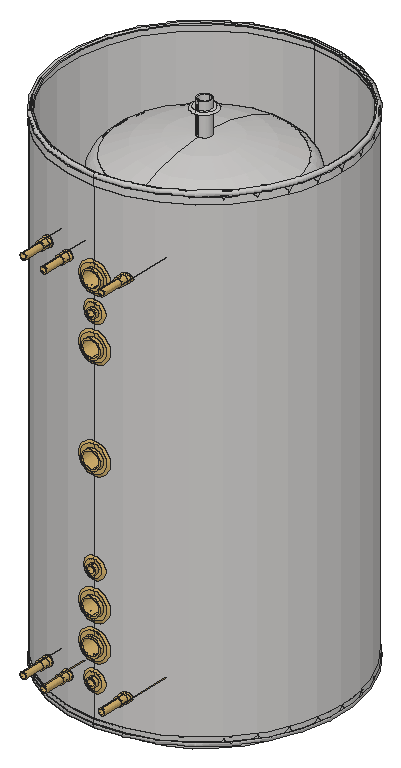
Revit family "HVAC_Boilers_Enertech_CTC-Accumulator-Tank_1-750-75", category Specialty Equipment, Revit 2018
Family settings
  Round Connector Dimension = Use Diameter
  Part Type = Normal
  OmniClass Number = 23.75.00.00
  OmniClass Title = Climate Control (HVAC)
  Work Plane-Based = No
  Always vertical = No
  Cut with Voids When Loaded = No
  Shared = No
  Room Calculation Point = No
Parameters (values of type "CTC Ackumulatortank 1 750/75")
  Weight = "221 kg"
  WaterVolumeWaterSuply = "16,5 l"
  WaterVolumeHeathingSystem = "669,5 l"
  WarrantyStartDate [instance] = "n/a"
  WarrantyGuarantorParts = "n/a"
  WarrantyGuarantorLabor = "n/a"
  WarrantyDurationUnit = "Year"
  WarrantyDurationParts = "n/a"
  WarrantyDurationLabor = "n/a"
  WarrantyDescription = "n/a"
  VersionDate = "24/08/2021"  # constant formula
  Version = "1"  # constant formula
  UsageCurrent = 0 A
  Uniclass2015Reference = "Pr_40_70_65"
  Uniclass2015Description = "Preparation catering equipment"
  Uniclass2 = "Pr_40_70_65"
  URL = "https://ctc-heating.com/products/accumulator-tanks"
  UNSPSCCode = "24111810"
  Type Comments = ""
  Touchscreen = "no"
  TagNumber [instance] = "n/a"
  SustainabilityPerformance = "n/a"
  Status = "n/a"
  Standby heat loss, Storage tank = "127 W"
  SpecifiedOutput = "N/A"
  SoundPowerLWA = "N/A"
  Sound pressureLPA 5m = "N/A"
  Sound pressureLPA 1m = "N/A"
  Sound pressureLPA 10m = "N/A"
  Size = "Ø950x1820 mm"
  Shape = "Round"
  SerialNumber [instance] = "7241 xxxx xxxx"
  SEERWarm = "N/A"
  SEERModerate = "N/A"
  SEERCold = "N/A"
  SCOPWarm = "N/A"
  SCOPModerate = "N/A"
  SCOPCold = "N/A"
  Revision = "n/a"  # constant formula
  ReplacementCost = "n/a"
  RefrigerantType = "N/A"
  RefrigerantQuantity = "N/A"
  ReferenceAirFlowRate = "N/A"
  Reference = "n/a"
  RatedVoltage = 0 V
  RatedHeatOutputModerate = "N/A"
  RatedCurrent = 0 A
  PumpMainMaterial = Stainless Steel
  ProductInformation = "CTC Hot water storage tanks is a series of  coil/storage tanks suitable for DHW-preparation and hot water storage, availiable in two models and five sizes. CTC Hot Water Storage Tank 1:  coil tanks for efficient DHW heating. CTC Hot Water Storage Tank 2: volume tanks for hot water storage."
  Product data url = ""
  PowerFactor = 0 W
  PhaseReference = "n/a"
  PhaseAngle = 0.00°
  OutputRangeIimmersionHeater = "N/A"
  OutputRange = "N/A"
  NumberOfPoles = 1
  NominalWidth = 950 mm
  NominalVoltage = 0 V
  NominalHeight = 1820 mm
  NominalFrequencyRange = 0 Hz
  NominalDepth = 950 mm
  NominalCurrent = 0 A
  Name = "CTC-Accumulator-Tank_1-750-75"  # constant formula
  NBSReference = "90-40-40/320"
  NBSDescription = "Air to water heat pumps"
  ModelReference = "n/a"
  ModelNumber = "589902001"
  MinimumCeilingHeight = "2040 mm"
  MaxStartingCurrent = "N/A"
  MaxOperatingTemperature = "100 °C"
  MaxOperatingPressureThermalStore = "6 bar"
  MaxOperatingPressureHotWater = "10 bar"
  MaxAirFlowRate = "N/A"
  Material = "Steel/copper"
  ManufacturerURL = "https://ctc.se/"
  ManufacturerName = "Enertech AB"
  Model = "CTC Ackumulatortank 1 750/75"
  ManufacturerCountry = "Sweden"
  Manufacturer = "Enertech AB"
  InsulationStandardClass = "n/a"
  InstallationDate [instance] = "n/a"
  InPutPower = "N/A"
  IfcExportType = "HEATER"  # constant formula
  IfcExportAs = "IfcElectricalDeviceCommon"  # constant formula
  IP_Code = "N/A"
  HotTapWaterPerformance = "520 l (at 20 l/min)"
  HasProtectiveEarth = yes
  GroupFuse = "N/A"
  Grade = "n/a"
  Finish = "n/a"
  Features = "n/a"
  ExpectedLife = "n/a"
  EnergyClass_HotWater = "N/A"
  EnergyClassHeatingWithoutControl = "N/A"
  EnergyClassHeatingWithControl = "N/A"
  ElectricalDeviceNominalPower = 0 W
  EANNumber = "7333077097615"
  DurationUnit = "Year"
  Description = "CTC Hot water storage tanks is a series of  coil/storage tanks suitable for DHW-preparation and hot water storage, availiable in two models and five sizes. CTC Hot Water Storage Tank 1:  coil tanks for efficient DHW heating. CTC Hot Water Storage Tank 2: volume tanks for hot water storage."
  Cost = 0
  Constituents = "n/a"
  ConductorFunction = "n/a"
  Color = "Grey"
  CodePerformance = "n/a"
  Capacity = "N/A"
  COP = "N/A"
  CO2Equivalent = "N/A"
  BrineSystem_Min_MaxPressure = "N/A"
  Barcode [instance] = "n/a"
  AssetIdentifier [instance] = "n/a"
  Category = "Storage tank, hot water"
  Brand = "CTC"
  BIMObjectName = "HVAC_Boilers_Enertech_CTC-Accumulator-Tank_1-750-75"  # constant formula
  Author = "BIMStone"  # constant formula
  AssetType = "Fixed"
  Artikel nr. = ""
  AirFlow = "N/A"
  Accessories = ""
  AccessibilityPerformance = "n/a"
Reference planes
  plane 1 "Center (Front/Back)": y = 0
  plane 2: z = 0
  plane 3 "Center (Left/Right)": x = 0
  plane 4: z = 1820
  plane 5: y = 475
  plane 6: y = -475
  plane 7: x = -475
  plane 8: x = 475
Dimensions and locks
  "NominalHeight": plane 4 to level
  equal spacing: plane 5, plane 1 "Center (Front/Back)", plane 6
  "NominalDepth": plane 5 to plane 6
  equal spacing: plane 7, plane 3 "Center (Left/Right)", plane 8
  "NominalWidth": plane 7 to plane 8
  aligned and locked: level to plane 2
Nested families
  nested 1: "Accumulator-Tank_1-750-75" at (0, 0, 0), Body <- "PumpMainMaterial", type "Accumulator-Tank_1-750-75"
    with Pipes Brass, Body Stainless Steel
Definition of nested family "Accumulator-Tank_1-750-75"
  Parameters (values of type "Accumulator-Tank_1-750-75")
    Pipes [instance] = none
    Body [instance] = none
  Reference planes
    plane 1 "Center (Front/Back)": y = 0
    plane 2: z = 0
    plane 3 "Center (Left/Right)": x = 0
    plane 4: y = 478.349
    plane 5: y = -478.349
    plane 6: x = -478.349
    plane 7: x = 478.349
  Forms (mm)
    Revolve 1, solid, material <- "Body", detail levels medium+fine
      sketch origin (0, 0, 0) x (0, 1, 0) y (0, 0, 1)
        loop
          line (478.349, 1750.261) -> (476.502, 1773.869)
          arc (476.502, 1773.869) -> (476.592, 1774.638) -> (476.968, 1775.314) r 1.996
          arc (476.968, 1775.314) -> (477.358, 1784.96) -> (468.103, 1787.707) r 7.859
          arc (468.103, 1787.707) -> (465.997, 1786.218) -> (464.827, 1783.918) r 5.371
          line (464.827, 1783.918) -> (470.045, 1783.918) -> (470.045, 1782.918) -> (464.045, 1782.918) -> (463.956, 1781.918) -> (471.456, 1781.918) -> (471.456, 1757.918) -> (472.75, 1757.918) -> (474, 1773.896) -> (475, 1773.896) -> (476.849, 1750.261) -> (478.349, 1750.261)
        loop
          line (471.456, 75.873) -> (463.956, 75.873) -> (464.045, 74.873) -> (470.045, 74.873) -> (470.045, 73.873) -> (464.827, 73.873)
          arc (464.827, 73.873) -> (465.997, 71.574) -> (468.103, 70.084) r 5.371
          arc (468.103, 70.084) -> (477.358, 72.832) -> (476.968, 82.478) r 7.859
          arc (476.968, 82.478) -> (476.592, 83.154) -> (476.502, 83.922) r 1.996
          line (476.502, 83.922) -> (477.75, 99.873) -> (476.25, 99.873) -> (475, 83.896) -> (474, 83.896) -> (472.75, 99.873) -> (471.456, 99.873) -> (471.456, 75.873)
        axis (0, 1787.707) -> (0, 70.084)
      angle from 0 to 360
    Revolve 2, solid, material <- "Body", detail levels medium+fine
      sketch origin (0, 0, 0) x (0, 1, 0) y (0, 0, 1)
        loop
          line (474.3, 83.896) -> (475.1, 83.896) -> (475.1, 1773.896) -> (474.3, 1773.896) -> (474.3, 83.896)
        axis (0, 83.896) -> (0, 1773.896)
      angle from 0 to 360
    Revolve 3, solid, material <- "Body", detail levels medium+fine
      sketch origin (0, 0, 0) x (0, 1, 0) y (0, 0, 1)
        loop
          line (-325, 1576.143) -> (-325, 154.143)
          arc (-325, 154.143) -> (-314.893, 118.46) -> (-287.575, 93.379) r 68.041
          arc (-287.575, 93.379) -> (-147.788, 42.844) -> (0, 26.937) r 621.684
          line (0, 26.937) -> (0, 29.937)
          arc (0, 29.937) -> (-147.094, 45.763) -> (-286.225, 96.058) r 618.684
          arc (-286.225, 96.058) -> (-312.339, 120.034) -> (-322, 154.143) r 65.041
          line (-322, 154.143) -> (-322, 1576.143)
          arc (-322, 1576.143) -> (-312.339, 1610.252) -> (-286.225, 1634.228) r 65.041
          arc (-286.225, 1634.228) -> (-156.576, 1682.253) -> (-19.5, 1700.288) r 618.684
          line (-19.5, 1700.288) -> (-19.5, 1813.618) -> (-23.5, 1813.618) -> (-23.5, 1787.618) -> (-35, 1787.618) -> (-43, 1783.618) -> (-23.5, 1783.618) -> (-23.5, 1703.201)
          arc (-23.5, 1703.201) -> (-159.211, 1684.688) -> (-287.575, 1636.907) r 621.684
          arc (-287.575, 1636.907) -> (-314.893, 1611.825) -> (-325, 1576.143) r 68.041
        axis (0, 26.937) -> (0, 1813.618)
      angle from 0 to 360
    Revolve 4, solid, material <- "Body", detail levels medium+fine
      sketch origin (0, 0, 0) x (0, 1, 0) y (0, 0, 1)
        loop
          line (362, 105) -> (359, 105) -> (359, 0) -> (362, 0) -> (362, 105)
        axis (0, 0) -> (0, 105)
      angle from 0 to 360
    Revolve 5, solid, material <- "Pipes", detail levels medium+fine
      sketch origin (-190.526, -30, 0) x (0, 1, 0) y (0, 0, 1)
        loop
          line (-515, 1506.143) -> (-515, 1504.643) -> (-203.645, 1504.643) -> (-203.645, 1506.143) -> (-515, 1506.143)
        axis (-203.645, 1495.143) -> (-515, 1495.143)
      angle from 0 to 360
    Revolve 6, solid, material <- "Pipes", detail levels medium+fine
      sketch origin (-190.526, -30, 0) x (0, 1, 0) y (0, 0, 1)
        loop
          line (-445, 1495.143) -> (-388.256, 1495.143) -> (-388.256, 1511.892) -> (-413.256, 1511.892) -> (-423, 1509.643) -> (-445, 1509.643) -> (-445, 1495.143)
        axis (-388.256, 1495.143) -> (-445, 1495.143)
      angle from 0 to 360
    Revolve 7, solid, material <- "Pipes", detail levels medium+fine
      sketch origin (-100.15, -55, 0) x (0, 1, 0) y (0, 0, 1)
        loop
          line (-445, 1495.143) -> (-388.256, 1495.143) -> (-388.256, 1511.892) -> (-413.256, 1511.892) -> (-423, 1509.643) -> (-445, 1509.643) -> (-445, 1495.143)
        axis (-388.256, 1495.143) -> (-445, 1495.143)
      angle from 0 to 360
    Revolve 8, solid, material <- "Pipes", detail levels medium+fine
      sketch origin (-190.526, -30, -1300) x (0, 1, 0) y (0, 0, 1)
        loop
          line (-515, 1506.143) -> (-515, 1504.643) -> (-203.645, 1504.643) -> (-203.645, 1506.143) -> (-515, 1506.143)
        axis (-203.645, 1495.143) -> (-515, 1495.143)
      angle from 0 to 360
    Revolve 9, solid, material <- "Pipes", detail levels medium+fine
      sketch origin (-190.526, -30, -1300) x (0, 1, 0) y (0, 0, 1)
        loop
          line (-445, 1495.143) -> (-388.256, 1495.143) -> (-388.256, 1511.892) -> (-413.256, 1511.892) -> (-423, 1509.643) -> (-445, 1509.643) -> (-445, 1495.143)
        axis (-388.256, 1495.143) -> (-445, 1495.143)
      angle from 0 to 360
    Revolve 10, solid, material <- "Pipes", detail levels medium+fine
      sketch origin (-100.15, -55, -1300) x (0, 1, 0) y (0, 0, 1)
        loop
          line (-445, 1495.143) -> (-388.256, 1495.143) -> (-388.256, 1511.892) -> (-413.256, 1511.892) -> (-423, 1509.643) -> (-445, 1509.643) -> (-445, 1495.143)
        axis (-388.256, 1495.143) -> (-445, 1495.143)
      angle from 0 to 360
    Extrusion 11, void
      sketch origin (0, 0, 0) x (1, 0, 0) y (0, 0, 1)
        loop
          circle (0, 1465.146) r 29
        loop
          circle (0, 1360.146) r 13
        loop
          circle (0, 1250.143) r 29
        loop
          circle (0, 905.146) r 29
        loop
          circle (0, 450.146) r 29
        loop
          circle (0, 325.146) r 29
        loop
          circle (0, 565.146) r 13
        loop
          circle (0, 215.146) r 13
      from 299.391 to 515
    Revolve 12, solid, material <- "Pipes", detail levels medium+fine
      sketch origin (0, -55, 0) x (0, 1, 0) y (0, 0, 1)
        loop
          line (-265, 357.643) -> (-420, 357.643) -> (-420, 379.146) -> (-424, 371.146) -> (-424, 357.643) -> (-435, 357.643) -> (-435, 353.143) -> (-265, 353.143) -> (-265, 357.643)
        axis (-265, 325.143) -> (-435, 325.143)
      angle from 0 to 360
    Revolve 13, solid, material <- "Pipes", detail levels medium+fine
      sketch origin (0, -55, 125) x (0, 1, 0) y (0, 0, 1)
        loop
          line (-265, 357.643) -> (-420, 357.643) -> (-420, 379.146) -> (-424, 371.146) -> (-424, 357.643) -> (-435, 357.643) -> (-435, 353.143) -> (-265, 353.143) -> (-265, 357.643)
        axis (-265, 325.143) -> (-435, 325.143)
      angle from 0 to 360
    Revolve 14, solid, material <- "Pipes", detail levels medium+fine
      sketch origin (0, -55, 580) x (0, 1, 0) y (0, 0, 1)
        loop
          line (-265, 357.643) -> (-420, 357.643) -> (-420, 379.146) -> (-424, 371.146) -> (-424, 357.643) -> (-435, 357.643) -> (-435, 353.143) -> (-265, 353.143) -> (-265, 357.643)
        axis (-265, 325.143) -> (-435, 325.143)
      angle from 0 to 360
    Revolve 15, solid, material <- "Pipes", detail levels medium+fine
      sketch origin (0, -55, 925) x (0, 1, 0) y (0, 0, 1)
        loop
          line (-265, 357.643) -> (-420, 357.643) -> (-420, 379.146) -> (-424, 371.146) -> (-424, 357.643) -> (-435, 357.643) -> (-435, 353.143) -> (-265, 353.143) -> (-265, 357.643)
        axis (-265, 325.143) -> (-435, 325.143)
      angle from 0 to 360
    Revolve 16, solid, material <- "Pipes", detail levels medium+fine
      sketch origin (0, -55, 1035) x (0, 1, 0) y (0, 0, 1)
        loop
          line (-265, 341.142) -> (-420, 341.142) -> (-420, 362.645) -> (-424, 354.645) -> (-424, 341.142) -> (-435, 341.142) -> (-435, 336.642) -> (-265, 336.642) -> (-265, 341.142)
        axis (-265, 325.143) -> (-435, 325.143)
      angle from 0 to 360
    Revolve 17, solid, material <- "Pipes", detail levels medium+fine
      sketch origin (0, -55, 240) x (0, 1, 0) y (0, 0, 1)
        loop
          line (-265, 341.142) -> (-420, 341.142) -> (-420, 362.645) -> (-424, 354.645) -> (-424, 341.142) -> (-435, 341.142) -> (-435, 336.642) -> (-265, 336.642) -> (-265, 341.142)
        axis (-265, 325.143) -> (-435, 325.143)
      angle from 0 to 360
    Revolve 18, solid, material <- "Pipes", detail levels medium+fine
      sketch origin (0, -55, -110) x (0, 1, 0) y (0, 0, 1)
        loop
          line (-265, 341.142) -> (-420, 341.142) -> (-420, 362.645) -> (-424, 354.645) -> (-424, 341.142) -> (-435, 341.142) -> (-435, 336.642) -> (-265, 336.642) -> (-265, 341.142)
        axis (-265, 325.143) -> (-435, 325.143)
      angle from 0 to 360
    Revolve 19, solid, material <- "Pipes", detail levels medium+fine
      sketch origin (0, -55, 1140) x (0, 1, 0) y (0, 0, 1)
        loop
          line (-265, 357.643) -> (-420, 357.643) -> (-420, 379.146) -> (-424, 371.146) -> (-424, 357.643) -> (-435, 357.643) -> (-435, 353.143) -> (-265, 353.143) -> (-265, 357.643)
        axis (-265, 325.143) -> (-435, 325.143)
      angle from 0 to 360
    Revolve 20, solid, material <- "Pipes", detail levels medium+fine
      sketch origin (-100.15, -55, 0) x (0, 1, 0) y (0, 0, 1)
        loop
          line (-515, 1506.143) -> (-515, 1504.643) -> (-203.645, 1504.643) -> (-203.645, 1506.143) -> (-515, 1506.143)
        axis (-203.645, 1495.143) -> (-515, 1495.143)
      angle from 0 to 360
    Revolve 21, solid, material <- "Pipes", detail levels medium+fine
      sketch origin (-100.15, -55, -1300) x (0, 1, 0) y (0, 0, 1)
        loop
          line (-515, 1506.143) -> (-515, 1504.643) -> (-203.645, 1504.643) -> (-203.645, 1506.143) -> (-515, 1506.143)
        axis (-203.645, 1495.143) -> (-515, 1495.143)
      angle from 0 to 360
    Extrusion 22, solid, material <- "Body", detail levels coarse
      sketch origin (0, 0, 0) x (1, 0, 0) y (0, 1, 0)
        loop
          line (-478.349, 478.349) -> (-478.349, -478.349) -> (478.349, -478.349) -> (478.349, 478.349) -> (-478.349, 478.349)
      from 0 to 1788.2
    Revolve 23, solid, material <- "Pipes", detail levels medium+fine
      sketch origin (100.15, -55, 0) x (0, 1, 0) y (0, 0, -1)
        loop
          line (-445, -1495.143) -> (-445, -1509.643) -> (-423, -1509.643) -> (-413.256, -1511.892) -> (-388.256, -1511.892) -> (-388.256, -1495.143) -> (-445, -1495.143)
        axis (-388.256, -1495.143) -> (-445, -1495.143)
      angle from 0 to 360
    Revolve 24, solid, material <- "Pipes", detail levels medium+fine
      sketch origin (100.15, -55, -1300) x (0, 1, 0) y (0, 0, -1)
        loop
          line (-445, -1495.143) -> (-445, -1509.643) -> (-423, -1509.643) -> (-413.256, -1511.892) -> (-388.256, -1511.892) -> (-388.256, -1495.143) -> (-445, -1495.143)
        axis (-388.256, -1495.143) -> (-445, -1495.143)
      angle from 0 to 360
    Revolve 25, solid, material <- "Pipes", detail levels medium+fine
      sketch origin (100.15, -55, 0) x (0, 1, 0) y (0, 0, -1)
        loop
          line (-515, -1506.143) -> (-203.645, -1506.143) -> (-203.645, -1504.643) -> (-515, -1504.643) -> (-515, -1506.143)
        axis (-203.645, -1495.143) -> (-515, -1495.143)
      angle from 0 to 360
    Revolve 26, solid, material <- "Pipes", detail levels medium+fine
      sketch origin (100.15, -55, -1300) x (0, 1, 0) y (0, 0, -1)
        loop
          line (-515, -1506.143) -> (-203.645, -1506.143) -> (-203.645, -1504.643) -> (-515, -1504.643) -> (-515, -1506.143)
        axis (-203.645, -1495.143) -> (-515, -1495.143)
      angle from 0 to 360
  Cuts and joins
    Extrusion 11 cuts Revolve 2
    Extrusion 11 cuts Revolve 3
  Lines and regions (mm)
    symbolic lines, detail levels medium+fine
      curve 1: arc (0, 470.966, 69.545) -> (0, 478.095, 74.095) -> (0, 476.968, 82.478) r 7.859
      curve 2: line (0, 476.502, 83.922) -> (0, 477.75, 99.873)
      curve 3: line (0, 477.75, 99.873) -> (0, 475.1, 99.873)
      curve 4: line (0, 475.1, 99.873) -> (0, 475.1, 1750.261)
      curve 5: arc (0, 476.968, 1775.314) -> (0, 478.095, 1783.696) -> (0, 470.966, 1788.247) r 7.859
      curve 6: line (0, 475.1, 1750.261) -> (0, 478.349, 1750.261)
      curve 7: line (0, 478.349, 1750.261) -> (0, 476.502, 1773.869)
      curve 8: arc (0, 476.502, 1773.869) -> (0, 476.592, 1774.638) -> (0, 476.968, 1775.314) r 1.996
      curve 11: line (0, 23.5, 1813.618) -> (0, 23.5, 1788.247)
      curve 12: line (0, 23.5, 1813.618) -> (0, -23.5, 1813.618)
      curve 13: line (0, 470.966, 69.545) -> (0, 362, 69.545)
      curve 14: line (0, 362, 0) -> (0, 362, 69.545)
      curve 15: line (0, 362, 0) -> (0, -362, 0)
      curve 19: arc (0, 476.968, 82.478) -> (0, 476.592, 83.154) -> (0, 476.502, 83.922) r 1.996
      curve 21: arc (0, -470.966, 69.545) -> (0, -478.095, 74.095) -> (0, -476.968, 82.478) r 7.859
      curve 22: line (0, -476.502, 83.922) -> (0, -477.75, 99.873)
      curve 23: line (0, -477.75, 99.873) -> (0, -475.1, 99.873)
      curve 24: line (0, -475.1, 99.873) -> (0, -475.1, 179.973)
      curve 25: arc (0, -476.968, 1775.314) -> (0, -478.095, 1783.696) -> (0, -470.966, 1788.247) r 7.859
      curve 26: line (0, -475.1, 1750.261) -> (0, -478.349, 1750.261)
      curve 27: line (0, -478.349, 1750.261) -> (0, -476.502, 1773.869)
      curve 28: arc (0, -476.502, 1773.869) -> (0, -476.592, 1774.638) -> (0, -476.968, 1775.314) r 1.996
      curve 29: line (0, -23.5, 1788.247) -> (0, -470.966, 1788.247)
      curve 31: line (0, -23.5, 1813.618) -> (0, -23.5, 1788.247)
      curve 32: line (0, -470.966, 69.545) -> (0, -362, 69.545)
      curve 33: line (0, -362, 0) -> (0, -362, 69.545)
      curve 37: arc (0, -476.968, 82.478) -> (0, -476.592, 83.154) -> (0, -476.502, 83.922) r 1.996
      curve 39: line (0, 23.5, 1788.247) -> (0, 470.966, 1788.247)
      curve 40: line (0, -570, 1506.143) -> (0, -500, 1506.143)
      curve 41: line (0, -500, 1506.143) -> (0, -500, 1509.643)
      curve 42: line (0, -500, 1509.643) -> (0, -478, 1509.643)
      curve 43: line (0, -478, 1509.643) -> (0, -475.1, 1510.312)
      curve 48: line (0, -478, 1480.643) -> (0, -500, 1480.643)
      curve 49: line (0, -500, 1480.643) -> (0, -500, 1484.143)
      curve 50: line (0, -570, 1484.143) -> (0, -500, 1484.143)
      curve 53: line (0, -475.1, 1510.312) -> (0, -475.1, 1750.261)
      curve 58: line (0, -570, 1506.143) -> (0, -570, 1484.143)
      curve 60: line (0, -475.1, 1479.973) -> (0, -478, 1480.643)
      curve 63: line (0, -479, 1389.645) -> (0, -479, 1376.142)
      curve 64: line (0, -490, 1376.142) -> (0, -490, 1344.143)
      curve 65: line (0, -490, 1376.142) -> (0, -479, 1376.142)
      curve 66: line (0, -479, 1389.645) -> (0, -475.1, 1397.445)
      curve 67: line (0, -479, 1330.64) -> (0, -475.1, 1322.84)
      curve 68: line (0, -490, 1344.143) -> (0, -479, 1344.143)
      curve 70: line (0, -475.1, 1397.445) -> (0, -475.1, 1479.973)
      curve 71: line (0, -479, 1296.146) -> (0, -479, 1282.643)
      curve 72: line (0, -490, 1282.643) -> (0, -490, 1217.643)
      curve 73: line (0, -479, 1296.146) -> (0, -475.1, 1303.946)
      curve 74: line (0, -479, 1204.14) -> (0, -475.1, 1196.34)
      curve 75: line (0, -490, 1217.643) -> (0, -479, 1217.643)
      curve 76: line (0, -490, 1282.643) -> (0, -479, 1282.643)
      curve 78: line (0, -479, 1217.643) -> (0, -479, 1204.14)
      curve 80: line (0, -475.1, 1303.946) -> (0, -475.1, 1322.84)
      curve 82: line (0, -479, 1344.143) -> (0, -479, 1330.64)
      curve 83: line (0, -479, 951.146) -> (0, -479, 937.643)
      curve 84: line (0, -490, 937.643) -> (0, -490, 872.643)
      curve 85: line (0, -479, 951.146) -> (0, -475.1, 958.946)
      curve 86: line (0, -479, 859.14) -> (0, -475.1, 851.34)
      curve 87: line (0, -490, 872.643) -> (0, -479, 872.643)
      curve 88: line (0, -490, 937.643) -> (0, -479, 937.643)
      curve 90: line (0, -479, 872.643) -> (0, -479, 859.14)
      curve 92: line (0, -479, 496.146) -> (0, -479, 482.643)
      curve 93: line (0, -490, 482.643) -> (0, -490, 417.643)
      curve 94: line (0, -479, 496.146) -> (0, -475.1, 503.946)
      curve 95: line (0, -479, 404.14) -> (0, -475.1, 396.34)
      curve 96: line (0, -490, 417.643) -> (0, -479, 417.643)
      curve 97: line (0, -490, 482.643) -> (0, -479, 482.643)
      curve 99: line (0, -479, 417.643) -> (0, -479, 404.14)
      curve 101: line (0, -479, 371.146) -> (0, -479, 357.643)
      curve 102: line (0, -490, 357.643) -> (0, -490, 292.643)
      curve 103: line (0, -479, 371.146) -> (0, -475.1, 378.946)
      curve 104: line (0, -479, 279.14) -> (0, -475.1, 271.34)
      curve 105: line (0, -490, 292.643) -> (0, -479, 292.643)
      curve 106: line (0, -490, 357.643) -> (0, -479, 357.643)
      curve 108: line (0, -479, 292.643) -> (0, -479, 279.14)
      curve 110: line (0, -479, 594.645) -> (0, -479, 581.142)
      curve 111: line (0, -490, 581.142) -> (0, -490, 549.143)
      curve 112: line (0, -490, 581.142) -> (0, -479, 581.142)
      curve 113: line (0, -479, 594.645) -> (0, -475.1, 602.445)
      curve 114: line (0, -479, 535.64) -> (0, -475.1, 527.84)
      curve 115: line (0, -490, 549.143) -> (0, -479, 549.143)
      curve 118: line (0, -479, 549.143) -> (0, -479, 535.64)
      curve 119: line (0, -570, 206.143) -> (0, -500, 206.143)
      curve 120: line (0, -500, 206.143) -> (0, -500, 209.643)
      curve 121: line (0, -500, 209.643) -> (0, -478, 209.643)
      curve 122: line (0, -478, 209.643) -> (0, -475.1, 210.312)
      curve 127: line (0, -478, 180.643) -> (0, -500, 180.643)
      curve 128: line (0, -500, 180.643) -> (0, -500, 184.143)
      curve 129: line (0, -570, 184.143) -> (0, -500, 184.143)
      curve 136: line (0, -570, 206.143) -> (0, -570, 184.143)
      curve 138: line (0, -475.1, 179.973) -> (0, -478, 180.643)
      curve 141: line (0, -475.1, 210.312) -> (0, -475.1, 271.34)
      curve 142: line (0, -475.1, 378.946) -> (0, -475.1, 396.34)
      curve 143: line (0, -475.1, 503.946) -> (0, -475.1, 527.84)
      curve 144: line (0, -475.1, 602.445) -> (0, -475.1, 851.34)
      curve 145: line (0, -475.1, 958.946) -> (0, -475.1, 1196.34)
      curve 146: arc (-470.966, 0, 1788.247) -> (-478.095, 0, 1783.696) -> (-476.968, 0, 1775.314) r 7.859
      curve 147: arc (-476.968, 0, 1775.314) -> (-476.592, 0, 1774.638) -> (-476.502, 0, 1773.869) r 1.996
      curve 148: line (-476.502, 0, 1773.869) -> (-478.349, 0, 1750.261)
      curve 149: line (-478.349, 0, 1750.261) -> (-475.1, 0, 1750.261)
      curve 150: line (-470.966, 0, 1788.247) -> (-23.5, 0, 1788.247)
      curve 151: line (-475.1, 0, 1750.261) -> (-475.1, 0, 99.873)
      curve 152: arc (-476.968, 0, 82.478) -> (-478.095, 0, 74.095) -> (-470.966, 0, 69.545) r 7.859
      curve 153: line (-475.1, 0, 99.873) -> (-477.75, 0, 99.873)
      curve 154: line (-477.75, 0, 99.873) -> (-476.502, 0, 83.922)
      curve 155: arc (-476.502, 0, 83.922) -> (-476.592, 0, 83.154) -> (-476.968, 0, 82.478) r 1.996
      curve 156: line (-470.966, 0, 69.545) -> (-362, 0, 69.545)
      curve 157: line (-362, 0, 0) -> (-362, 0, 69.545)
      curve 158: arc (470.966, 0, 1788.247) -> (478.095, 0, 1783.696) -> (476.968, 0, 1775.314) r 7.859
      curve 159: arc (476.968, 0, 1775.314) -> (476.592, 0, 1774.638) -> (476.502, 0, 1773.869) r 1.996
      curve 160: line (476.502, 0, 1773.869) -> (478.349, 0, 1750.261)
      curve 161: line (478.349, 0, 1750.261) -> (475.1, 0, 1750.261)
      curve 162: line (475.1, 0, 1750.261) -> (475.1, 0, 99.873)
      curve 163: arc (476.968, 0, 82.478) -> (478.095, 0, 74.095) -> (470.966, 0, 69.545) r 7.859
      curve 164: line (475.1, 0, 99.873) -> (477.75, 0, 99.873)
      curve 165: line (477.75, 0, 99.873) -> (476.502, 0, 83.922)
      curve 166: arc (476.502, 0, 83.922) -> (476.592, 0, 83.154) -> (476.968, 0, 82.478) r 1.996
      curve 167: line (-23.5, 0, 1813.618) -> (-23.5, 0, 1788.247)
      curve 168: line (-23.5, 0, 1813.618) -> (23.5, 0, 1813.618)
      curve 169: line (23.5, 0, 1813.618) -> (23.5, 0, 1788.247)
      curve 170: line (470.966, 0, 1788.247) -> (23.5, 0, 1788.247)
      curve 176: line (470.966, 0, 69.545) -> (362, 0, 69.545)
      curve 177: line (362, 0, 0) -> (362, 0, 69.545)
      curve 178: line (-362, 0, 0) -> (362, 0, 0)
      curve 274: line (-205.026, -475, 0) -> (-205.026, -453, 0)
      curve 275: line (-205.026, -453, 0) -> (-207.276, -443.256, 0)
      curve 276: line (-201.526, -475, 0) -> (-205.026, -475, 0)
      curve 278: line (-201.526, -545, 0) -> (-201.526, -475, 0)
      curve 279: line (-176.026, -475, 0) -> (-176.026, -453, 0)
      curve 280: line (-176.026, -453, 0) -> (-174.287, -445.468, 0)
      curve 281: line (-179.526, -475, 0) -> (-176.026, -475, 0)
      curve 283: line (-179.526, -545, 0) -> (-179.526, -475, 0)
      curve 284: line (-201.526, -545, 0) -> (-179.526, -545, 0)
      curve 286: line (-114.65, -500, 0) -> (-114.65, -478, 0)
      curve 287: line (-114.65, -478, 0) -> (-116.9, -468.256, 0)
      curve 288: line (-116.9, -468.256, 0) -> (-116.9, -463.845, 0)
      curve 289: line (-111.15, -500, 0) -> (-114.65, -500, 0)
      curve 291: line (-111.15, -570, 0) -> (-111.15, -500, 0)
      curve 292: line (-85.65, -500, 0) -> (-85.65, -478, 0)
      curve 293: line (-89.15, -500, 0) -> (-85.65, -500, 0)
      curve 295: line (-89.15, -570, 0) -> (-89.15, -500, 0)
      curve 296: line (-111.15, -570, 0) -> (-89.15, -570, 0)
      curve 298: line (-32.5, -490, 0) -> (32.5, -490, 0)
      curve 299: line (-32.5, -490, 0) -> (-32.5, -479, 0)
      curve 300: line (-32.5, -479, 0) -> (-46.003, -479, 0)
      curve 301: line (-46.003, -479, 0) -> (-53.251, -475.376, 0)
      curve 302: line (32.5, -490, 0) -> (32.5, -479, 0)
      curve 303: line (32.5, -479, 0) -> (46.003, -479, 0)
      curve 304: line (46.003, -479, 0) -> (53.251, -475.376, 0)
      curve 306: arc (53.251, -475.376, 0) -> (68.669, -473.395, 0) -> (84.014, -470.913, 0) r 478.349
      curve 308: line (-85.65, -478, 0) -> (-84.014, -470.913, 0)
      curve 309: line (-207.276, -443.256, 0) -> (-207.276, -431.109, 0)
      curve 311: arc (-174.287, -445.468, 0) -> (-145.883, -455.561, 0) -> (-116.9, -463.845, 0) r 478.349
      curve 313: arc (-84.014, -470.913, 0) -> (-68.669, -473.395, 0) -> (-53.251, -475.376, 0) r 478.349
      curve 314: line (114.65, -500, 0) -> (114.65, -478, 0)
      curve 315: line (114.65, -478, 0) -> (116.9, -468.256, 0)
      curve 316: line (116.9, -468.256, 0) -> (116.9, -463.845, 0)
      curve 317: line (111.15, -500, 0) -> (114.65, -500, 0)
      curve 319: line (111.15, -570, 0) -> (111.15, -500, 0)
      curve 320: line (85.65, -500, 0) -> (85.65, -478, 0)
      curve 321: line (89.15, -500, 0) -> (85.65, -500, 0)
      curve 323: line (89.15, -570, 0) -> (89.15, -500, 0)
      curve 324: line (111.15, -570, 0) -> (89.15, -570, 0)
      curve 326: line (85.65, -478, 0) -> (84.014, -470.913, 0)
      curve 328: arc (116.9, -463.845, 0) -> (48.061, 475.929, 0) -> (-207.276, -431.109, 0) r 478.349
    symbolic lines, detail levels fine
      curve 9: line (0, -23.5, 1788.247) -> (0, 23.5, 1788.247)
      curve 10: line (0, 475.1, 1750.261) -> (0, 0, 1750.261)
      curve 16: line (0, 362, 69.545) -> (0, 0, 69.545)
      curve 17: line (0, 475.1, 99.873) -> (0, 0, 99.873)
      curve 18: line (0, 476.502, 1773.869) -> (0, 0, 1773.869)
      curve 20: line (0, 476.502, 83.922) -> (0, 0, 83.922)
      curve 30: line (0, -475.1, 1750.261) -> (0, 0, 1750.261)
      curve 34: line (0, -362, 69.545) -> (0, 0, 69.545)
      curve 35: line (0, -475.1, 99.873) -> (0, 0, 99.873)
      curve 36: line (0, -476.502, 1773.869) -> (0, 0, 1773.869)
      curve 38: line (0, -476.502, 83.922) -> (0, 0, 83.922)
      curve 44: line (0, -468.256, 1511.892) -> (0, -418.256, 1511.892)
      curve 45: line (0, -418.256, 1511.892) -> (0, -418.256, 1478.393)
      curve 46: line (0, -418.256, 1478.393) -> (0, -468.256, 1478.393)
      curve 47: line (0, -468.256, 1478.393) -> (0, -475.1, 1479.973)
      curve 51: line (0, -453, 1509.643) -> (0, -475, 1509.643)
      curve 52: line (0, -453, 1480.643) -> (0, -475, 1480.643)
      curve 54: line (0, -475, 1509.643) -> (0, -475, 1480.643)
      curve 55: line (0, -453, 1509.643) -> (0, -453, 1480.643)
      curve 56: line (0, -453, 1480.643) -> (0, -443.256, 1478.393)
      curve 57: line (0, -453, 1509.643) -> (0, -443.256, 1511.892)
      curve 59: line (0, -475.1, 1510.312) -> (0, -468.256, 1511.892)
      curve 61: line (0, -500, 1484.143) -> (0, -475, 1484.143)
      curve 62: line (0, -500, 1506.143) -> (0, -475, 1506.143)
      curve 69: line (0, -475.1, 1322.84) -> (0, -475.1, 1397.445)
      curve 77: line (0, -479, 1282.643) -> (0, -479, 1217.643)
      curve 79: line (0, -475.1, 1196.34) -> (0, -475.1, 1303.946)
      curve 81: line (0, -479, 1376.142) -> (0, -479, 1344.143)
      curve 89: line (0, -479, 937.643) -> (0, -479, 872.643)
      curve 91: line (0, -475.1, 851.34) -> (0, -475.1, 958.946)
      curve 98: line (0, -479, 482.643) -> (0, -479, 417.643)
      curve 100: line (0, -475.1, 396.34) -> (0, -475.1, 503.946)
      curve 107: line (0, -479, 357.643) -> (0, -479, 292.643)
      curve 109: line (0, -475.1, 271.34) -> (0, -475.1, 378.946)
      curve 116: line (0, -475.1, 527.84) -> (0, -475.1, 602.445)
      curve 117: line (0, -479, 581.142) -> (0, -479, 549.143)
      curve 123: line (0, -468.256, 211.892) -> (0, -418.256, 211.892)
      curve 124: line (0, -418.256, 211.892) -> (0, -418.256, 178.393)
      curve 125: line (0, -418.256, 178.393) -> (0, -468.256, 178.393)
      curve 126: line (0, -468.256, 178.393) -> (0, -475.1, 179.973)
      curve 130: line (0, -453, 209.643) -> (0, -475, 209.643)
      curve 131: line (0, -453, 180.643) -> (0, -475, 180.643)
      curve 132: line (0, -475, 209.643) -> (0, -475, 180.643)
      curve 133: line (0, -453, 209.643) -> (0, -453, 180.643)
      curve 134: line (0, -453, 180.643) -> (0, -443.256, 178.393)
      curve 135: line (0, -453, 209.643) -> (0, -443.256, 211.892)
      curve 137: line (0, -475.1, 210.312) -> (0, -468.256, 211.892)
      curve 139: line (0, -500, 184.143) -> (0, -475, 184.143)
      curve 140: line (0, -500, 206.143) -> (0, -475, 206.143)
      curve 171: line (-23.5, 0, 1788.247) -> (23.5, 0, 1788.247)
      curve 172: line (-475.1, 0, 1750.261) -> (475.1, 0, 1750.261)
      curve 173: line (-476.502, 0, 1773.869) -> (476.502, 0, 1773.869)
      curve 174: line (-476.502, 0, 83.922) -> (476.502, 0, 83.922)
      curve 175: line (475.1, 0, 99.873) -> (-475.1, 0, 99.873)
      curve 179: line (362, 0, 69.545) -> (-362, 0, 69.545)
      curve 180: arc (-190.526, 0, 211.892) -> (-207.276, 0, 195.143) -> (-190.526, 0, 178.393) r 16.75
      curve 181: arc (-190.526, 0, 204.643) -> (-200.026, 0, 195.143) -> (-190.526, 0, 185.643) r 9.5
      curve 182: arc (-190.526, 0, 185.643) -> (-181.026, 0, 195.143) -> (-190.526, 0, 204.643) r 9.5
      curve 183: arc (-190.526, 0, 178.393) -> (-173.777, 0, 195.143) -> (-190.526, 0, 211.892) r 16.75
      curve 184: arc (-100.15, 0, 211.892) -> (-116.9, 0, 195.143) -> (-100.15, 0, 178.393) r 16.75
      curve 185: arc (-100.15, 0, 178.393) -> (-83.401, 0, 195.143) -> (-100.15, 0, 211.892) r 16.75
      curve 186: arc (-100.15, 0, 206.143) -> (-111.15, 0, 195.143) -> (-100.15, 0, 184.143) r 11
      curve 187: arc (-100.15, 0, 204.643) -> (-109.65, 0, 195.143) -> (-100.15, 0, 185.643) r 9.5
      curve 188: arc (-100.15, 0, 184.143) -> (-89.15, 0, 195.143) -> (-100.15, 0, 206.143) r 11
      curve 189: arc (-100.15, 0, 185.643) -> (-90.65, 0, 195.143) -> (-100.15, 0, 204.643) r 9.5
      curve 190: arc (-190.526, 0, 206.143) -> (-201.526, 0, 195.143) -> (-190.526, 0, 184.143) r 11
      curve 191: arc (-190.526, 0, 184.143) -> (-179.526, 0, 195.143) -> (-190.526, 0, 206.143) r 11
      curve 192: arc (0, 0, 177.64) -> (-37.503, 0, 215.143) -> (0, 0, 252.645) r 37.503
      curve 193: arc (0, 0, 252.645) -> (37.503, 0, 215.143) -> (0, 0, 177.64) r 37.503
      curve 194: arc (0, 0, 185.64) -> (-29.503, 0, 215.143) -> (0, 0, 244.645) r 29.503
      curve 195: arc (0, 0, 244.645) -> (29.503, 0, 215.143) -> (0, 0, 185.64) r 29.503
      curve 196: arc (0, 0, 231.142) -> (-16, 0, 215.143) -> (0, 0, 199.143) r 16
      curve 197: arc (0, 0, 226.642) -> (-11.5, 0, 215.143) -> (0, 0, 203.643) r 11.5
      curve 198: arc (0, 0, 199.143) -> (16, 0, 215.143) -> (0, 0, 231.142) r 16
      curve 199: arc (0, 0, 203.643) -> (11.5, 0, 215.143) -> (0, 0, 226.642) r 11.5
      curve 200: arc (0, 0, 271.14) -> (-54.003, 0, 325.143) -> (0, 0, 379.146) r 54.003
      curve 201: arc (0, 0, 279.14) -> (-46.003, 0, 325.143) -> (0, 0, 371.146) r 46.003
      curve 202: arc (0, 0, 357.643) -> (-32.5, 0, 325.143) -> (0, 0, 292.643) r 32.5
      curve 203: arc (0, 0, 353.143) -> (-28, 0, 325.143) -> (0, 0, 297.143) r 28
      curve 204: arc (0, 0, 297.143) -> (28, 0, 325.143) -> (0, 0, 353.143) r 28
      curve 205: arc (0, 0, 292.643) -> (32.5, 0, 325.143) -> (0, 0, 357.643) r 32.5
      curve 206: arc (0, 0, 371.146) -> (46.003, 0, 325.143) -> (0, 0, 279.14) r 46.003
      curve 207: arc (0, 0, 379.146) -> (54.003, 0, 325.143) -> (0, 0, 271.14) r 54.003
      curve 208: arc (0, 0, 396.14) -> (-54.003, 0, 450.143) -> (0, 0, 504.146) r 54.003
      curve 209: arc (0, 0, 404.14) -> (-46.003, 0, 450.143) -> (0, 0, 496.146) r 46.003
      curve 210: arc (0, 0, 482.643) -> (-32.5, 0, 450.143) -> (0, 0, 417.643) r 32.5
      curve 211: arc (0, 0, 478.143) -> (-28, 0, 450.143) -> (0, 0, 422.143) r 28
      curve 212: arc (0, 0, 422.143) -> (28, 0, 450.143) -> (0, 0, 478.143) r 28
      curve 213: arc (0, 0, 417.643) -> (32.5, 0, 450.143) -> (0, 0, 482.643) r 32.5
      curve 214: arc (0, 0, 496.146) -> (46.003, 0, 450.143) -> (0, 0, 404.14) r 46.003
      curve 215: arc (0, 0, 504.146) -> (54.003, 0, 450.143) -> (0, 0, 396.14) r 54.003
      curve 216: arc (0, 0, 851.14) -> (-54.003, 0, 905.143) -> (0, 0, 959.146) r 54.003
      curve 217: arc (0, 0, 859.14) -> (-46.003, 0, 905.143) -> (0, 0, 951.146) r 46.003
      curve 218: arc (0, 0, 937.643) -> (-32.5, 0, 905.143) -> (0, 0, 872.643) r 32.5
      curve 219: arc (0, 0, 933.143) -> (-28, 0, 905.143) -> (0, 0, 877.143) r 28
      curve 220: arc (0, 0, 877.143) -> (28, 0, 905.143) -> (0, 0, 933.143) r 28
      curve 221: arc (0, 0, 872.643) -> (32.5, 0, 905.143) -> (0, 0, 937.643) r 32.5
      curve 222: arc (0, 0, 951.146) -> (46.003, 0, 905.143) -> (0, 0, 859.14) r 46.003
      curve 223: arc (0, 0, 959.146) -> (54.003, 0, 905.143) -> (0, 0, 851.14) r 54.003
      curve 224: arc (0, 0, 1196.14) -> (-54.003, 0, 1250.143) -> (0, 0, 1304.146) r 54.003
      curve 225: arc (0, 0, 1204.14) -> (-46.003, 0, 1250.143) -> (0, 0, 1296.146) r 46.003
      curve 226: arc (0, 0, 1282.643) -> (-32.5, 0, 1250.143) -> (0, 0, 1217.643) r 32.5
      curve 227: arc (0, 0, 1278.143) -> (-28, 0, 1250.143) -> (0, 0, 1222.143) r 28
      curve 228: arc (0, 0, 1222.143) -> (28, 0, 1250.143) -> (0, 0, 1278.143) r 28
      curve 229: arc (0, 0, 1217.643) -> (32.5, 0, 1250.143) -> (0, 0, 1282.643) r 32.5
      curve 230: arc (0, 0, 1296.146) -> (46.003, 0, 1250.143) -> (0, 0, 1204.14) r 46.003
      curve 231: arc (0, 0, 1304.146) -> (54.003, 0, 1250.143) -> (0, 0, 1196.14) r 54.003
      curve 232: arc (0, 0, 1411.14) -> (-54.003, 0, 1465.143) -> (0, 0, 1519.146) r 54.003
      curve 233: arc (0, 0, 1419.14) -> (-46.003, 0, 1465.143) -> (0, 0, 1511.146) r 46.003
      curve 234: arc (0, 0, 1497.643) -> (-32.5, 0, 1465.143) -> (0, 0, 1432.643) r 32.5
      curve 235: arc (0, 0, 1493.143) -> (-28, 0, 1465.143) -> (0, 0, 1437.143) r 28
      curve 236: arc (0, 0, 1437.143) -> (28, 0, 1465.143) -> (0, 0, 1493.143) r 28
      curve 237: arc (0, 0, 1432.643) -> (32.5, 0, 1465.143) -> (0, 0, 1497.643) r 32.5
      curve 238: arc (0, 0, 1511.146) -> (46.003, 0, 1465.143) -> (0, 0, 1419.14) r 46.003
      curve 239: arc (0, 0, 1519.146) -> (54.003, 0, 1465.143) -> (0, 0, 1411.14) r 54.003
      curve 240: arc (0, 0, 527.64) -> (-37.503, 0, 565.143) -> (0, 0, 602.645) r 37.503
      curve 241: arc (0, 0, 602.645) -> (37.503, 0, 565.143) -> (0, 0, 527.64) r 37.503
      curve 242: arc (0, 0, 535.64) -> (-29.503, 0, 565.143) -> (0, 0, 594.645) r 29.503
      curve 243: arc (0, 0, 594.645) -> (29.503, 0, 565.143) -> (0, 0, 535.64) r 29.503
      curve 244: arc (0, 0, 581.142) -> (-16, 0, 565.143) -> (0, 0, 549.143) r 16
      curve 245: arc (0, 0, 576.642) -> (-11.5, 0, 565.143) -> (0, 0, 553.643) r 11.5
      curve 246: arc (0, 0, 549.143) -> (16, 0, 565.143) -> (0, 0, 581.142) r 16
      curve 247: arc (0, 0, 553.643) -> (11.5, 0, 565.143) -> (0, 0, 576.642) r 11.5
      curve 248: arc (0, 0, 1322.64) -> (-37.503, 0, 1360.143) -> (0, 0, 1397.645) r 37.503
      curve 249: arc (0, 0, 1397.645) -> (37.503, 0, 1360.143) -> (0, 0, 1322.64) r 37.503
      curve 250: arc (0, 0, 1330.64) -> (-29.503, 0, 1360.143) -> (0, 0, 1389.645) r 29.503
      curve 251: arc (0, 0, 1389.645) -> (29.503, 0, 1360.143) -> (0, 0, 1330.64) r 29.503
      curve 252: arc (0, 0, 1376.142) -> (-16, 0, 1360.143) -> (0, 0, 1344.143) r 16
      curve 253: arc (0, 0, 1371.642) -> (-11.5, 0, 1360.143) -> (0, 0, 1348.643) r 11.5
      curve 254: arc (0, 0, 1344.143) -> (16, 0, 1360.143) -> (0, 0, 1376.142) r 16
      curve 255: arc (0, 0, 1348.643) -> (11.5, 0, 1360.143) -> (0, 0, 1371.642) r 11.5
      curve 256: arc (-190.526, 0, 1511.892) -> (-207.276, 0, 1495.143) -> (-190.526, 0, 1478.393) r 16.75
      curve 257: arc (-190.526, 0, 1504.643) -> (-200.026, 0, 1495.143) -> (-190.526, 0, 1485.643) r 9.5
      curve 258: arc (-190.526, 0, 1485.643) -> (-181.026, 0, 1495.143) -> (-190.526, 0, 1504.643) r 9.5
      curve 259: arc (-190.526, 0, 1478.393) -> (-173.777, 0, 1495.143) -> (-190.526, 0, 1511.892) r 16.75
      curve 260: arc (-100.15, 0, 1511.892) -> (-116.9, 0, 1495.143) -> (-100.15, 0, 1478.393) r 16.75
      curve 261: arc (-100.15, 0, 1478.393) -> (-83.401, 0, 1495.143) -> (-100.15, 0, 1511.892) r 16.75
      curve 262: arc (-100.15, 0, 1506.143) -> (-111.15, 0, 1495.143) -> (-100.15, 0, 1484.143) r 11
      curve 263: arc (-100.15, 0, 1504.643) -> (-109.65, 0, 1495.143) -> (-100.15, 0, 1485.643) r 9.5
      curve 264: arc (-100.15, 0, 1484.143) -> (-89.15, 0, 1495.143) -> (-100.15, 0, 1506.143) r 11
      curve 265: arc (-100.15, 0, 1485.643) -> (-90.65, 0, 1495.143) -> (-100.15, 0, 1504.643) r 9.5
      curve 266: arc (-190.526, 0, 1506.143) -> (-201.526, 0, 1495.143) -> (-190.526, 0, 1484.143) r 11
      curve 267: arc (-190.526, 0, 1484.143) -> (-179.526, 0, 1495.143) -> (-190.526, 0, 1506.143) r 11
      curve 268: circle (0, 0, 0) r 463.956 normal (0, 0, 1)
      curve 269: circle (0, 0, 0) r 380 normal (0, 0, 1)
      curve 270: circle (0, 0, 0) r 43 normal (0, 0, 1)
      curve 271: circle (0, 0, 0) r 35 normal (0, 0, 1)
      curve 272: circle (0, 0, 0) r 23.5 normal (0, 0, 1)
      curve 273: circle (0, 0, 0) r 19.5 normal (0, 0, 1)
      curve 277: line (-201.526, -417.903, 0) -> (-201.526, -322.16, 0)
      curve 282: line (-179.526, -427.815, 0) -> (-179.526, -334.918, 0)
      curve 285: line (-201.526, -475, 0) -> (-179.526, -475, 0)
      curve 290: line (-111.15, -450.446, 0) -> (-111.15, -363.381, 0)
      curve 294: line (-89.15, -455.311, 0) -> (-89.15, -369.394, 0)
      curve 297: line (-111.15, -500, 0) -> (-89.15, -500, 0)
      curve 305: line (-32.5, -479, 0) -> (32.5, -479, 0)
      curve 307: arc (-53.251, -475.376, 0) -> (0, -478.349, 0) -> (53.251, -475.376, 0) r 478.349
      curve 310: arc (-207.276, -431.109, 0) -> (-190.916, -438.599, 0) -> (-174.287, -445.468, 0) r 478.349
      curve 312: arc (-116.9, -463.845, 0) -> (-100.519, -467.668, 0) -> (-84.014, -470.913, 0) r 478.349
      curve 318: line (111.15, -450.446, 0) -> (111.15, -363.381, 0)
      curve 322: line (89.15, -455.311, 0) -> (89.15, -369.394, 0)
      curve 325: line (111.15, -500, 0) -> (89.15, -500, 0)
      curve 327: arc (116.9, -463.845, 0) -> (100.519, -467.668, 0) -> (84.014, -470.913, 0) r 478.349
      curve 329: arc (100.15, 0, 211.892) -> (116.9, 0, 195.143) -> (100.15, 0, 178.393) r 16.75
      curve 330: arc (100.15, 0, 178.393) -> (83.401, 0, 195.143) -> (100.15, 0, 211.892) r 16.75
      curve 331: arc (100.15, 0, 206.143) -> (111.15, 0, 195.143) -> (100.15, 0, 184.143) r 11
      curve 332: arc (100.15, 0, 204.643) -> (109.65, 0, 195.143) -> (100.15, 0, 185.643) r 9.5
      curve 333: arc (100.15, 0, 184.143) -> (89.15, 0, 195.143) -> (100.15, 0, 206.143) r 11
      curve 334: arc (100.15, 0, 185.643) -> (90.65, 0, 195.143) -> (100.15, 0, 204.643) r 9.5
      curve 335: arc (100.15, 0, 1511.892) -> (116.9, 0, 1495.143) -> (100.15, 0, 1478.393) r 16.75
      curve 336: arc (100.15, 0, 1478.393) -> (83.401, 0, 1495.143) -> (100.15, 0, 1511.892) r 16.75
      curve 337: arc (100.15, 0, 1506.143) -> (111.15, 0, 1495.143) -> (100.15, 0, 1484.143) r 11
      curve 338: arc (100.15, 0, 1504.643) -> (109.65, 0, 1495.143) -> (100.15, 0, 1485.643) r 9.5
      curve 339: arc (100.15, 0, 1484.143) -> (89.15, 0, 1495.143) -> (100.15, 0, 1506.143) r 11
      curve 340: arc (100.15, 0, 1485.643) -> (90.65, 0, 1495.143) -> (100.15, 0, 1504.643) r 9.5
  Dimensions and locks
    aligned and locked: level to plane 2
